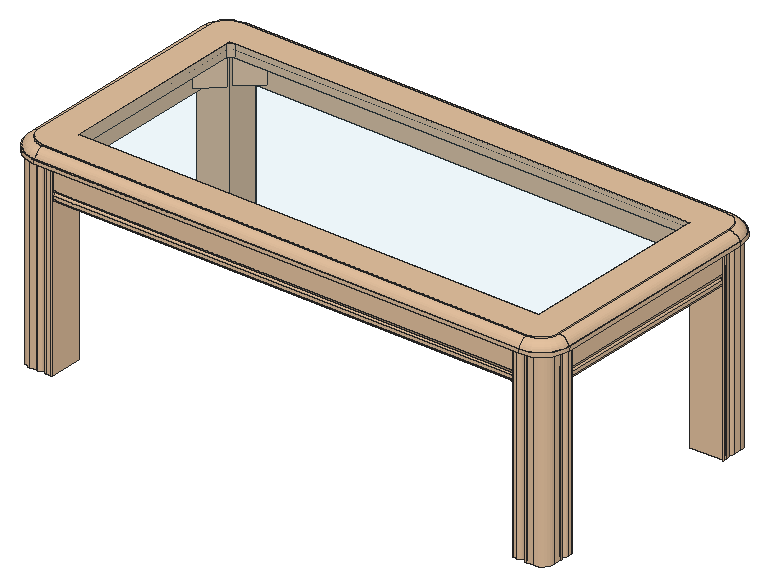
Revit family "Table_Coffee_Glass", category Furniture, Revit 2021
Family settings
  OmniClass Number = 23.40.20.00
  OmniClass Title = General Furniture and Specialties
  Work Plane-Based = No
  Always vertical = Yes
  Cut with Voids When Loaded = No
  Shared = No
  Room Calculation Point = No
Parameters (values of type "48" x 24"")
  Width = 1' - 7.68504"
  Top Frame Width [instance] = 0' - 4 1/4"
  Length [instance] = 4' - 0"
  Height [instance] = 1' - 9"
  Default Elevation = 0' - 0"
Types (2): name | Length
  48" x 24" | 4' - 0"
  24" x 24" 2 | 2' - 0"
Reference planes (in)
  plane 1 "Back": y = 0
  plane 2: z = 0
  plane 3 "Center Left/Right": x = 0
  plane 4 "Front": y = -19.68504
  plane 5 "Left": x = -24
  plane 6 "Right": x = 24
  plane 7: z = 0
  plane 8 "Top": z = 21
  plane 9: y = -9.84252
  plane 10 "Top of Posts": z = 19.75
Forms (in)
  Extrusion 1, solid, material "Cherry"
    sketch origin (0, 0, 0) x (1, 0, 0) y (0, 1, 0)
      loop
        line (-24, -19.68504) -> (-27.37419, -19.68504)
        arc (-27.37419, -19.68504) -> (-27.46534, -19.7228) -> (-27.50309, -19.81395) r 0.12891
        line (-27.50309, -19.81395) -> (-27.50309, -20.16075)
        arc (-27.50309, -20.16075) -> (-27.37337, -20.47394) -> (-27.06018, -20.60367) r 0.44292
        arc (-27.06018, -20.60367) -> (-26.98844, -20.67683) -> (-27.06135, -20.74882) r 0.07258
        arc (-27.06135, -20.74882) -> (-27.371, -20.87708) -> (-27.49926, -21.18673) r 0.43791
        line (-27.49926, -21.18673) -> (-27.49926, -21.93498)
        arc (-27.49926, -21.93498) -> (-27.13314, -22.81887) -> (-26.24926, -23.18498) r 1.25
        line (-26.24926, -23.18498) -> (-25.57428, -23.18498) -> (-25.5, -23.18498)
        arc (-25.5, -23.18498) -> (-25.19068, -23.05686) -> (-25.06256, -22.74754) r 0.43744
        arc (-25.06256, -22.74754) -> (-25, -22.68498) -> (-24.93744, -22.74754) r 0.06256
        arc (-24.93744, -22.74754) -> (-24.80932, -23.05686) -> (-24.5, -23.18498) r 0.43744
        line (-24.5, -23.18498) -> (-24.12891, -23.18498)
        arc (-24.12891, -23.18498) -> (-24.03776, -23.14723) -> (-24, -23.05608) r 0.12891
        line (-24, -23.05608) -> (-24, -19.68504)
    from 0 to 19.75
  Extrusion 2, solid, material "Cherry"
    sketch origin (0, 0, 0) x (-1, 0, 0) y (0, -1, 0)
      loop
        line (-24, 19.68504) -> (-24, 23.05608)
        arc (-24, 23.05608) -> (-24.03776, 23.14723) -> (-24.12891, 23.18498) r 0.12891
        line (-24.12891, 23.18498) -> (-24.5, 23.18498)
        arc (-24.5, 23.18498) -> (-24.80932, 23.05686) -> (-24.93744, 22.74754) r 0.43744
        arc (-24.93744, 22.74754) -> (-25, 22.68498) -> (-25.06256, 22.74754) r 0.06256
        arc (-25.06256, 22.74754) -> (-25.19068, 23.05686) -> (-25.5, 23.18498) r 0.43744
        line (-25.5, 23.18498) -> (-25.57428, 23.18498) -> (-26.24926, 23.18498)
        arc (-26.24926, 23.18498) -> (-27.13314, 22.81887) -> (-27.49926, 21.93498) r 1.25
        line (-27.49926, 21.93498) -> (-27.49926, 21.18673)
        arc (-27.49926, 21.18673) -> (-27.371, 20.87708) -> (-27.06135, 20.74882) r 0.43791
        arc (-27.06135, 20.74882) -> (-26.98844, 20.67683) -> (-27.06018, 20.60367) r 0.07258
        arc (-27.06018, 20.60367) -> (-27.37337, 20.47394) -> (-27.50309, 20.16075) r 0.44292
        line (-27.50309, 20.16075) -> (-27.50309, 19.81395)
        arc (-27.50309, 19.81395) -> (-27.46534, 19.7228) -> (-27.37419, 19.68504) r 0.12891
        line (-27.37419, 19.68504) -> (-24, 19.68504)
    from 0 to 19.75
  Extrusion 3, solid, material "Cherry"
    sketch origin (0, -48, 0) x (1, 0, 0) y (0, 1, 0)
      loop
        line (-24, 48) -> (-24, 51.37104)
        arc (-24, 51.37104) -> (-24.03776, 51.46219) -> (-24.12891, 51.49994) r 0.12891
        line (-24.12891, 51.49994) -> (-24.5, 51.49994)
        arc (-24.5, 51.49994) -> (-24.80932, 51.37182) -> (-24.93744, 51.0625) r 0.43744
        arc (-24.93744, 51.0625) -> (-25, 50.99994) -> (-25.06256, 51.0625) r 0.06256
        arc (-25.06256, 51.0625) -> (-25.19068, 51.37182) -> (-25.5, 51.49994) r 0.43744
        line (-25.5, 51.49994) -> (-25.57428, 51.49994) -> (-26.24926, 51.49994)
        arc (-26.24926, 51.49994) -> (-27.13314, 51.13383) -> (-27.49926, 50.24994) r 1.25
        line (-27.49926, 50.24994) -> (-27.49926, 49.50169)
        arc (-27.49926, 49.50169) -> (-27.371, 49.19204) -> (-27.06135, 49.06378) r 0.43791
        arc (-27.06135, 49.06378) -> (-26.98844, 48.99179) -> (-27.06018, 48.91863) r 0.07258
        arc (-27.06018, 48.91863) -> (-27.37337, 48.7889) -> (-27.50309, 48.47571) r 0.44292
        line (-27.50309, 48.47571) -> (-27.50309, 48.12891)
        arc (-27.50309, 48.12891) -> (-27.46534, 48.03776) -> (-27.37419, 48) r 0.12891
        line (-27.37419, 48) -> (-24, 48)
    from 0 to 19.75
  Extrusion 4, solid, material "Cherry"
    sketch origin (0, -48, 0) x (-1, 0, 0) y (0, -1, 0)
      loop
        line (-24, -48) -> (-27.37419, -48)
        arc (-27.37419, -48) -> (-27.46534, -48.03776) -> (-27.50309, -48.12891) r 0.12891
        line (-27.50309, -48.12891) -> (-27.50309, -48.47571)
        arc (-27.50309, -48.47571) -> (-27.37337, -48.7889) -> (-27.06018, -48.91863) r 0.44292
        arc (-27.06018, -48.91863) -> (-26.98844, -48.99179) -> (-27.06135, -49.06378) r 0.07258
        arc (-27.06135, -49.06378) -> (-27.371, -49.19204) -> (-27.49926, -49.50169) r 0.43791
        line (-27.49926, -49.50169) -> (-27.49926, -50.24994)
        arc (-27.49926, -50.24994) -> (-27.13314, -51.13383) -> (-26.24926, -51.49994) r 1.25
        line (-26.24926, -51.49994) -> (-25.57428, -51.49994) -> (-25.5, -51.49994)
        arc (-25.5, -51.49994) -> (-25.19068, -51.37182) -> (-25.06256, -51.0625) r 0.43744
        arc (-25.06256, -51.0625) -> (-25, -50.99994) -> (-24.93744, -51.0625) r 0.06256
        arc (-24.93744, -51.0625) -> (-24.80932, -51.37182) -> (-24.5, -51.49994) r 0.43744
        line (-24.5, -51.49994) -> (-24.12891, -51.49994)
        arc (-24.12891, -51.49994) -> (-24.03776, -51.46219) -> (-24, -51.37104) r 0.12891
        line (-24, -51.37104) -> (-24, -48)
    from 0 to 19.75
  Extrusion 5, solid, material "Cherry"
    sketch origin (24, -0.3125, -1.25) x (0, 1, 0) y (0, 0, 1)
      loop
        line (-22.68498, 21) -> (-22.68498, 18.5)
        arc (-22.68498, 18.5) -> (-22.61176, 18.32322) -> (-22.43498, 18.25) r 0.25
        arc (-22.43498, 18.25) -> (-22.61176, 18.17678) -> (-22.68498, 18) r 0.25
        line (-22.68498, 18) -> (-22.68498, 17.625)
        arc (-22.68498, 17.625) -> (-22.64837, 17.53661) -> (-22.55998, 17.5) r 0.125
        line (-22.55998, 17.5) -> (-21.68498, 17.5) -> (-21.68498, 21) -> (-22.68498, 21)
    from 0 to -48
  Extrusion 6, solid, material "Cherry"
    sketch origin (24, -23.6875, 0) x (0, -1, 0) y (0, 0, -1)
      loop
        line (-26.99994, -19.75) -> (-25.99994, -19.75) -> (-25.99994, -16.25) -> (-26.87494, -16.25)
        arc (-26.87494, -16.25) -> (-26.96333, -16.28661) -> (-26.99994, -16.375) r 0.125
        line (-26.99994, -16.375) -> (-26.99994, -16.75)
        arc (-26.99994, -16.75) -> (-26.92672, -16.92678) -> (-26.74994, -17) r 0.25
        arc (-26.74994, -17) -> (-26.92672, -17.07322) -> (-26.99994, -17.25) r 0.25
        line (-26.99994, -17.25) -> (-26.99994, -19.75)
    from 0 to -48
  Extrusion 7, solid, material "Cherry"
    sketch origin (11.68744, -24, -1.25) x (1, 0, 0) y (0, 0, 1)
      loop
        line (-38.99994, 21) -> (-38.99994, 18.5)
        arc (-38.99994, 18.5) -> (-38.92672, 18.32322) -> (-38.74994, 18.25) r 0.25
        arc (-38.74994, 18.25) -> (-38.92672, 18.17678) -> (-38.99994, 18) r 0.25
        line (-38.99994, 18) -> (-38.99994, 17.625)
        arc (-38.99994, 17.625) -> (-38.96333, 17.53661) -> (-38.87494, 17.5) r 0.125
        line (-38.87494, 17.5) -> (-37.99994, 17.5) -> (-37.99994, 21) -> (-38.99994, 21)
    from -4.31496 to -24
  Extrusion 8, solid, material "Cherry"
    sketch origin (-11.68744, -24, -1.25) x (-1, 0, 0) y (0, 0, -1)
      loop
        line (-38.99994, -21) -> (-37.99994, -21) -> (-37.99994, -17.5) -> (-38.87494, -17.5)
        arc (-38.87494, -17.5) -> (-38.96333, -17.53661) -> (-38.99994, -17.625) r 0.125
        line (-38.99994, -17.625) -> (-38.99994, -18)
        arc (-38.99994, -18) -> (-38.92672, -18.17678) -> (-38.74994, -18.25) r 0.25
        arc (-38.74994, -18.25) -> (-38.92672, -18.32322) -> (-38.99994, -18.5) r 0.25
        line (-38.99994, -18.5) -> (-38.99994, -21)
    from -4.31496 to -24
  Extrusion 9, solid, material "Cherry"
    sketch origin (0, 0, 19.75) x (0, -1, 0) y (1, 0, 0)
      loop
        line (0, 24) -> (0, -23.5)
        arc (0, -23.5) -> (0.14645, -23.85355) -> (0.5, -24) r 0.5
        line (0.5, -24) -> (19.68504, -24) -> (19.68504, 24) -> (0, 24)
      loop
        arc (-4.25, -25.25) -> (-3.37132, -27.37132) -> (-1.25, -28.25) r 3
        line (-1.25, -28.25) -> (20.93504, -28.25)
        arc (20.93504, -28.25) -> (23.05636, -27.37132) -> (23.93504, -25.25) r 3
        line (23.93504, -25.25) -> (23.93504, 25.25)
        arc (23.93504, 25.25) -> (23.05636, 27.37132) -> (20.93504, 28.25) r 3
        line (20.93504, 28.25) -> (-1.25, 28.25)
        arc (-1.25, 28.25) -> (-3.37132, 27.37132) -> (-4.25, 25.25) r 3
        line (-4.25, 25.25) -> (-4.25, -25.25)
    from 0 to 1.25
  Extrusion 10, solid, material "Cherry"
    sketch origin (0, 0, 19.75) x (0, -1, 0) y (1, 0, 0)
      loop
        line (-2.31244, -24) -> (-0.31244, -24) -> (-2.31244, -22) -> (-2.31244, -24)
      loop
        line (0, -26.3125) -> (2.00006, -26.3125) -> (0, -24.31244) -> (0, -26.3125)
    from 0 to -3
  Extrusion 11, solid, material "Cherry"
    sketch origin (0, 0, 19.75) x (0, -1, 0) y (1, 0, 0)
      loop
        line (-2.31244, 24) -> (-2.31244, 22) -> (-0.31244, 24) -> (-2.31244, 24)
      loop
        line (0, 26.3125) -> (0, 24.31244) -> (2.00006, 26.3125) -> (0, 26.3125)
    from 0 to -3
  Extrusion 12, solid, material "Cherry"
    sketch origin (0, 0, 19.75) x (0, -1, 0) y (1, 0, 0)
      loop
        line (21.99748, -24) -> (21.99748, -22) -> (19.99748, -24) -> (21.99748, -24)
      loop
        line (19.68504, -26.3125) -> (19.68504, -24.31244) -> (17.68498, -26.3125) -> (19.68504, -26.3125)
    from 0 to -3
  Extrusion 13, solid, material "Cherry"
    sketch origin (0, 0, 19.75) x (0, -1, 0) y (1, 0, 0)
      loop
        line (21.99748, 24) -> (19.99748, 24) -> (21.99748, 22) -> (21.99748, 24)
      loop
        line (19.68504, 26.3125) -> (17.68498, 26.3125) -> (19.68504, 24.31244) -> (19.68504, 26.3125)
    from 0 to -3
  Extrusion 14, solid, material "Glass"
    sketch origin (0, 0, 19.75) x (0, -1, 0) y (1, 0, 0)
      loop
        line (19.68504, -24) -> (19.68504, 24) -> (0, 24) -> (0, -24) -> (19.68504, -24)
    from 0.75 to 1.25
  Sweep 15, void
    path origin (0, 0, 21) x (0, -1, 0) y (1, 0, 0)
      loop
        line (-4.25, 25.25) -> (-4.25, -25.25)
        arc (-4.25, -25.25) -> (-3.37132, -27.37132) -> (-1.25, -28.25) r 3
        line (-1.25, -28.25) -> (20.93504, -28.25)
        arc (20.93504, -28.25) -> (23.05636, -27.37132) -> (23.93504, -25.25) r 3
        line (23.93504, -25.25) -> (23.93504, 25.25)
        arc (23.93504, 25.25) -> (23.05636, 27.37132) -> (20.93504, 28.25) r 3
        line (20.93504, 28.25) -> (-1.25, 28.25)
        arc (-1.25, 28.25) -> (-3.37132, 27.37132) -> (-4.25, 25.25) r 3
    profile origin (0, 4.25, 21) x (0, -1, 0) y (0, 0, 1)
      loop
        arc (0.13765, -0.87333) -> (0.50809, -0.3225) -> (1.14184, -0.125) r 1
        line (1.14184, -0.125) -> (1.14184, 0) -> (0, 0) -> (0, -0.87333) -> (0.13765, -0.87333)
Cuts and joins
  Sweep 15 cuts Extrusion 9
  Sweep 15 cuts Extrusion 14
Dimensions and locks (in)
  "Length": plane 5 "Left" to plane 6 "Right"
  equal spacing: plane 5 "Left", plane 3 "Center Left/Right", plane 6 "Right"
  "Width": plane 4 "Front" to plane 1 "Back"
  plane 4 "Front" to plane 1 "Back" = 1' - 7.68504"
  "Height": plane 8 "Top" to plane 7
  equal spacing: plane 1 "Back", plane 9, plane 4 "Front"
  "Top Frame Width": Extrusion 9 sketch curve to Extrusion 9 sketch curve  (x4)
  locked: plane 8 "Top" to plane 10 "Top of Posts" at 1.25
  aligned and locked: plane 7 to level
  aligned: plane 8 "Top" to Extrusion 1
  aligned and locked: Extrusion 5 to plane 5 "Left"
  aligned and locked: Extrusion 6 to plane 5 "Left"
  aligned and locked: Extrusion 7 to plane 4 "Front"
  aligned and locked: Extrusion 8 to plane 4 "Front"
  aligned and locked: Extrusion 9 sketch curve to Extrusion 4
  aligned and locked: Extrusion 9 sketch curve to Extrusion 1  (x2)
  aligned and locked: Extrusion 14 sketch curve to Extrusion 9  (x3)
  aligned and locked: Extrusion 9 to Extrusion 14 sketch curve
  aligned: plane 8 "Top" to Extrusion 2
  aligned: plane 8 "Top" to Extrusion 4
  aligned: plane 8 "Top" to Extrusion 3
  aligned and locked: plane 10 "Top of Posts" to Extrusion 6 sketch curve
  aligned and locked: plane 10 "Top of Posts" to Extrusion 5
  aligned and locked: plane 10 "Top of Posts" to Extrusion 7
  aligned and locked: plane 10 "Top of Posts" to Extrusion 8
  aligned: plane 10 "Top of Posts" to Extrusion 2
  aligned and locked: plane 10 "Top of Posts" to Extrusion 4
  aligned and locked: plane 10 "Top of Posts" to Extrusion 2
  aligned and locked: plane 10 "Top of Posts" to Extrusion 1
  aligned and locked: plane 10 "Top of Posts" to Extrusion 3
  aligned and locked: Sweep 15 sketch curve to Extrusion 9  (x4)
  aligned and locked: Sweep 15 sketch curve to profile plane
Automatic sketch dimensions
  Extrusion 1 sketch curve to plane 4 "Front" = 0' - 0"
  Extrusion 1 sketch curve to plane 5 "Left" = 0' - 0"
  Extrusion 1 sketch curve to plane 5 "Left" = 0' - 0 33/256"
  Extrusion 1 sketch curve to Extrusion 1 sketch curve = 0' - 0 95/256"
  Extrusion 1 sketch curve to Extrusion 1 sketch curve = 0' - 0.43744"  (x2)
  Extrusion 1 sketch curve to Extrusion 1 sketch curve = 0' - 0"  (x2)
  Extrusion 1 sketch curve to Extrusion 1 sketch curve = 0' - 0.06256"
  Extrusion 1 sketch curve to Extrusion 1 sketch curve = 0' - 0.07428"
  Extrusion 1 sketch curve to Extrusion 1 sketch curve = 0' - 0.67497"
  Extrusion 1 sketch curve to plane 4 "Front" = 0' - 0.91863"
  Extrusion 1 sketch curve to Extrusion 1 sketch curve = 0' - 0.81092"
  Extrusion 1 sketch curve to Extrusion 1 sketch curve = 0' - 0.00084"
  Extrusion 1 sketch curve to Extrusion 1 sketch curve = 0' - 0.00033"
  Extrusion 1 sketch curve to Extrusion 1 sketch curve = 0' - 0.31401"
  Extrusion 1 sketch curve to Extrusion 1 sketch curve = 0' - 0.43791"
  Extrusion 1 sketch curve to Extrusion 1 sketch curve = 0' - 0 33/256"
  Extrusion 1 sketch curve to Extrusion 1 sketch curve = 0' - 0.07258"
  Extrusion 1 sketch curve to Extrusion 1 sketch curve = 0' - 0.74826"
  Extrusion 2 sketch curve to plane 4 "Front" = 0' - 0"
  Extrusion 2 sketch curve to plane 6 "Right" = 0' - 0"
  Extrusion 2 sketch curve to Extrusion 2 sketch curve = 0' - 0 33/256"  (x2)
  Extrusion 2 sketch curve to Extrusion 2 sketch curve = 0' - 0 95/256"
  Extrusion 2 sketch curve to Extrusion 2 sketch curve = 0' - 0.43744"  (x2)
  Extrusion 2 sketch curve to Extrusion 2 sketch curve = 0' - 0"  (x2)
  Extrusion 2 sketch curve to Extrusion 2 sketch curve = 0' - 0.06256"
  Extrusion 2 sketch curve to Extrusion 2 sketch curve = 0' - 0.07428"
  Extrusion 2 sketch curve to Extrusion 2 sketch curve = 0' - 0.67497"
  plane 4 "Front" to Extrusion 2 sketch curve = 0' - 0.91863"
  Extrusion 2 sketch curve to Extrusion 2 sketch curve = 0' - 0.81092"
  Extrusion 2 sketch curve to Extrusion 2 sketch curve = 0' - 0.00084"
  Extrusion 2 sketch curve to Extrusion 2 sketch curve = 0' - 0.00033"
  Extrusion 2 sketch curve to Extrusion 2 sketch curve = 0' - 0.31401"
  Extrusion 2 sketch curve to Extrusion 2 sketch curve = 0' - 0.43791"
  Extrusion 2 sketch curve to Extrusion 2 sketch curve = 0' - 0.07258"
  Extrusion 2 sketch curve to Extrusion 2 sketch curve = 0' - 0.74826"
  plane 1 "Back" to Extrusion 3 sketch curve = 0' - 0"
  Extrusion 3 sketch curve to plane 5 "Left" = 0' - 0"
  Extrusion 3 sketch curve to Extrusion 3 sketch curve = 0' - 0 33/256"  (x2)
  Extrusion 3 sketch curve to Extrusion 3 sketch curve = 0' - 0 95/256"
  Extrusion 3 sketch curve to Extrusion 3 sketch curve = 0' - 0.43744"  (x2)
  Extrusion 3 sketch curve to Extrusion 3 sketch curve = 0' - 0"  (x2)
  Extrusion 3 sketch curve to Extrusion 3 sketch curve = 0' - 0.06256"
  Extrusion 3 sketch curve to Extrusion 3 sketch curve = 0' - 0.07428"
  Extrusion 3 sketch curve to Extrusion 3 sketch curve = 0' - 0.67497"
  plane 1 "Back" to Extrusion 3 sketch curve = 0' - 0.91863"
  Extrusion 3 sketch curve to Extrusion 3 sketch curve = 0' - 0.81092"
  Extrusion 3 sketch curve to Extrusion 3 sketch curve = 0' - 0.00084"
  Extrusion 3 sketch curve to Extrusion 3 sketch curve = 0' - 0.00033"
  Extrusion 3 sketch curve to Extrusion 3 sketch curve = 0' - 0.31401"
  Extrusion 3 sketch curve to Extrusion 3 sketch curve = 0' - 0.43791"
  Extrusion 3 sketch curve to Extrusion 3 sketch curve = 0' - 0.07258"
  Extrusion 3 sketch curve to Extrusion 3 sketch curve = 0' - 0.74826"
  plane 1 "Back" to Extrusion 4 sketch curve = 0' - 0"
  Extrusion 4 sketch curve to plane 6 "Right" = 0' - 0"
  plane 6 "Right" to Extrusion 4 sketch curve = 0' - 0 33/256"
  Extrusion 4 sketch curve to Extrusion 4 sketch curve = 0' - 0 95/256"
  Extrusion 4 sketch curve to Extrusion 4 sketch curve = 0' - 0.43744"  (x2)
  Extrusion 4 sketch curve to Extrusion 4 sketch curve = 0' - 0"  (x2)
  Extrusion 4 sketch curve to Extrusion 4 sketch curve = 0' - 0.06256"
  Extrusion 4 sketch curve to Extrusion 4 sketch curve = 0' - 0.07428"
  Extrusion 4 sketch curve to Extrusion 4 sketch curve = 0' - 0.67497"
  Extrusion 4 sketch curve to plane 1 "Back" = 0' - 0.91863"
  Extrusion 4 sketch curve to Extrusion 4 sketch curve = 0' - 0.81092"
  Extrusion 4 sketch curve to Extrusion 4 sketch curve = 0' - 0.00084"
  Extrusion 4 sketch curve to Extrusion 4 sketch curve = 0' - 0.00033"
  Extrusion 4 sketch curve to Extrusion 4 sketch curve = 0' - 0.31401"
  Extrusion 4 sketch curve to Extrusion 4 sketch curve = 0' - 0.43791"
  Extrusion 4 sketch curve to Extrusion 4 sketch curve = 0' - 0 33/256"
  Extrusion 4 sketch curve to Extrusion 4 sketch curve = 0' - 0.07258"
  Extrusion 4 sketch curve to Extrusion 4 sketch curve = 0' - 0.74826"
  Extrusion 5 sketch curve to plane 8 "Top" = 0' - 1 1/4"
  Extrusion 5 sketch curve to plane 4 "Front" = 0' - 3.31244"
  Extrusion 5 sketch curve to Extrusion 5 sketch curve = 0' - 0"  (x2)
  Extrusion 5 sketch curve to Extrusion 5 sketch curve = 0' - 0 1/8"
  Extrusion 5 sketch curve to Extrusion 5 sketch curve = 0' - 0 1/4"
  Extrusion 5 sketch curve to Extrusion 5 sketch curve = 0' - 1"
  Extrusion 5 sketch curve to Extrusion 5 sketch curve = 0' - 2 1/2"
  Extrusion 5 sketch curve to Extrusion 5 sketch curve = 0' - 0 3/8"
  plane 1 "Back" to Extrusion 6 sketch curve = 0' - 3.31244"
  Extrusion 6 sketch curve to Extrusion 6 sketch curve = 0' - 0"  (x2)
  Extrusion 6 sketch curve to Extrusion 6 sketch curve = 0' - 0 1/8"
  Extrusion 6 sketch curve to Extrusion 6 sketch curve = 0' - 0 1/4"
  Extrusion 6 sketch curve to Extrusion 6 sketch curve = 0' - 1"
  plane 8 "Top" to Extrusion 6 sketch curve = 0' - 3 3/4"
  Extrusion 6 sketch curve to Extrusion 6 sketch curve = 0' - 0 3/8"
  Extrusion 8 sketch curve to plane 8 "Top" = 0' - 1 1/4"
  plane 6 "Right" to Extrusion 8 sketch curve = 0' - 3 5/16"
  Extrusion 8 sketch curve to Extrusion 8 sketch curve = 0' - 0"  (x2)
  Extrusion 8 sketch curve to Extrusion 8 sketch curve = 0' - 0 1/8"
  Extrusion 8 sketch curve to Extrusion 8 sketch curve = 0' - 0 1/4"
  Extrusion 8 sketch curve to Extrusion 8 sketch curve = 0' - 1"
  Extrusion 8 sketch curve to plane 8 "Top" = 0' - 3 3/4"
  Extrusion 8 sketch curve to Extrusion 8 sketch curve = 0' - 0 3/8"
  Extrusion 7 sketch curve to plane 8 "Top" = 0' - 1 1/4"
  Extrusion 7 sketch curve to plane 5 "Left" = 0' - 3 5/16"
  Extrusion 7 sketch curve to Extrusion 7 sketch curve = 0' - 0"  (x2)
  Extrusion 7 sketch curve to Extrusion 7 sketch curve = 0' - 0 1/8"
  Extrusion 7 sketch curve to Extrusion 7 sketch curve = 0' - 0 1/4"
  Extrusion 7 sketch curve to Extrusion 7 sketch curve = 0' - 1"
  Extrusion 7 sketch curve to plane 10 "Top of Posts" = 0' - 2 1/2"
  Extrusion 7 sketch curve to Extrusion 7 sketch curve = 0' - 0 3/8"
  Extrusion 12 sketch curve to plane 4 "Front" = 0' - 0"
  Extrusion 12 sketch curve to plane 5 "Left" = 0' - 0"
  plane 4 "Front" to Extrusion 12 sketch curve = 0' - 2.00006"
  Extrusion 12 sketch curve to plane 4 "Front" = 0' - 0.31244"
  Extrusion 12 sketch curve to Extrusion 12 sketch curve = 0' - 2"  (x2)
  Extrusion 12 sketch curve to plane 5 "Left" = 0' - 0.31244"
  Extrusion 12 sketch curve to Extrusion 12 sketch curve = 0' - 0"
  Extrusion 12 sketch curve to Extrusion 12 sketch curve = 0' - 2.00006"
  Extrusion 13 sketch curve to plane 4 "Front" = 0' - 0"
  Extrusion 13 sketch curve to plane 6 "Right" = 0' - 0"
  Extrusion 13 sketch curve to Extrusion 13 sketch curve = 0' - 2.00006"
  Extrusion 13 sketch curve to plane 4 "Front" = 0' - 0.31244"
  Extrusion 13 sketch curve to Extrusion 13 sketch curve = 0' - 2"  (x2)
  plane 6 "Right" to Extrusion 13 sketch curve = 0' - 0.31244"
  Extrusion 13 sketch curve to Extrusion 13 sketch curve = 0' - 0"
  plane 6 "Right" to Extrusion 13 sketch curve = 0' - 2 5/16"
  Extrusion 11 sketch curve to plane 6 "Right" = 0' - 0"
  plane 1 "Back" to Extrusion 11 sketch curve = 0' - 0"
  Extrusion 11 sketch curve to plane 1 "Back" = 0' - 0.31244"
  Extrusion 11 sketch curve to Extrusion 11 sketch curve = 0' - 2"  (x2)
  Extrusion 11 sketch curve to Extrusion 11 sketch curve = 0' - 2.00006"
  plane 6 "Right" to Extrusion 11 sketch curve = 0' - 0.31244"
  Extrusion 11 sketch curve to Extrusion 11 sketch curve = 0' - 0"
  plane 6 "Right" to Extrusion 11 sketch curve = 0' - 2 5/16"
  Extrusion 10 sketch curve to plane 5 "Left" = 0' - 0"
  plane 1 "Back" to Extrusion 10 sketch curve = 0' - 0"
  Extrusion 10 sketch curve to plane 1 "Back" = 0' - 0.31244"
  Extrusion 10 sketch curve to Extrusion 10 sketch curve = 0' - 2"
  Extrusion 10 sketch curve to Extrusion 10 sketch curve = 0' - 2.00006"  (x2)
  Extrusion 10 sketch curve to plane 5 "Left" = 0' - 0.31244"
  Extrusion 10 sketch curve to Extrusion 10 sketch curve = 0' - 0"
  plane 5 "Left" to Extrusion 10 sketch curve = 0' - 2"
  Sweep 15 sketch curve to plane 8 "Top" = 0' - 0"
  Sweep 15 sketch curve to Sweep 15 sketch curve = 0' - 0.13765"
  Sweep 15 sketch curve to Sweep 15 sketch curve = 0' - 0.96798"
  Sweep 15 sketch curve to plane 8 "Top" = 0' - 0 1/8"
  Sweep 15 sketch curve to Sweep 15 sketch curve = 0' - 0.03621"
  Sweep 15 sketch curve to plane 8 "Top" = 0' - 0.87333"
  Extrusion 9 sketch curve to plane 5 "Left" = 0' - 0"
  Extrusion 9 sketch curve to plane 6 "Right" = 0' - 0"
  Extrusion 9 sketch curve to plane 1 "Back" = 0' - 1 1/4"  (x2)
  Extrusion 9 sketch curve to Extrusion 9 sketch curve = 0' - 0 1/2"
  Extrusion 9 sketch curve to plane 4 "Front" = 0' - 1 1/4"  (x2)
